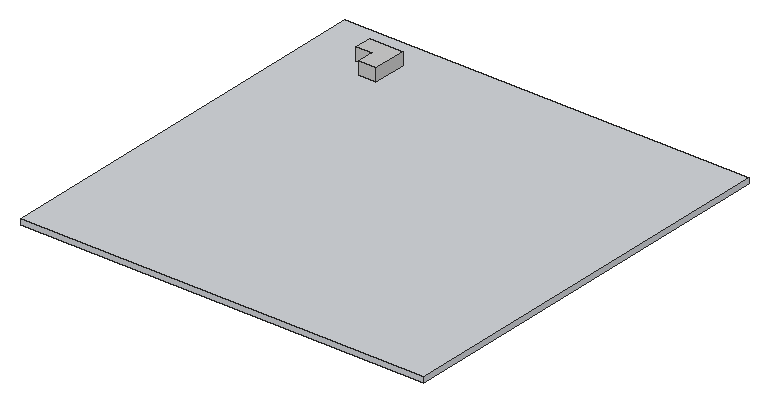
Revit family
Parameters (values of type "L Joiner/Feeder")
  URL = "www.lightingservicesinc.com/product.asp?productID=140"
  Type Comments = ""
  Suspension Length Note = "Distance from mounting surface to bottom of track"
  Suspension Length [instance] = 1' - 6"
  Surface Track Suspension Length Note = "for Surface Track, Suspension Length = 1 7/16\""
  Model Date = "26 March 2010"
  Model = "31X05"
  Mfr. Catalog # = ""
  Manufacturer = "Lighting Services Inc. "
  LSI Track Finish [instance] = LSI Track Finish
  Keynote = "26 55 59"
  Description = "120/250V 1 Ckt L Joiner/Feeder"
  Default Elevation = 4' - 0"
  Assembly Code = "D5020200"
Reference planes (in)
  plane 1 "Center (Front/Back)": y = 0
  plane 2: z = 0
  plane 3 "Center (Left/Right)": x = 0
  plane 4: x = -2.59375
  plane 5: y = 2.5863
  plane 6: y = -2.5863
  plane 7: y = 0.90625
  plane 8: y = -0.90625
  plane 9: x = -0.90625
  plane 10: x = 0.90625
  plane 11: z = 16.6875
  plane 12: z = 18
Forms (in)
  Extrusion 1, solid
    sketch origin (0, 0, 0) x (1, 0, 0) y (0, 1, 0)
      loop
        line (-26.09375, 27.09375) -> (-26.09375, -15.91751) -> (16.59127, -15.91751) -> (16.59127, 27.09375) -> (-26.09375, 27.09375)
    from 0 to -0.5
  Extrusion 2, solid, material "LSI Track Finish" <- "LSI Track Finish", detail levels medium+fine
    sketch origin (0, 0, 0) x (1, 0, 0) y (0, 1, 0)
      loop
        line (-2.59375, 0.90625) -> (-2.59375, -0.90625) -> (-0.90625, -0.90625) -> (-0.90625, -2.5863) -> (0.90625, -2.5863) -> (0.90625, 0.90625) -> (-2.59375, 0.90625)
    from 16.6875 to 18
Dimensions and locks (in)
  locked: plane 12 to plane 11 at 1.3125
  "Suspension Length": plane 12 to plane 2
  equal spacing: plane 7, plane 1 "Center (Front/Back)", plane 8, locked at 0.90625 each
  locked: plane 7 to plane 8 at 1.8125
  equal spacing: plane 9, plane 3 "Center (Left/Right)", plane 10, locked at 0.90625 each
  locked: plane 9 to plane 10 at 1.8125
  equal spacing: plane 5, plane 1 "Center (Front/Back)", plane 6, locked at 2.5863 each
  locked: plane 5 to plane 6 at 5.1726
  aligned and locked: plane 2 to Extrusion 1
  aligned and locked: level to Extrusion 1
  aligned and locked: plane 12 to Extrusion 2
  aligned and locked: Extrusion 2 to plane 11
  aligned and locked: plane 3 "Center (Left/Right)" to nested 1
  aligned and locked: plane 1 "Center (Front/Back)" to nested 1
Automatic sketch dimensions
  Extrusion 1 sketch curve to Extrusion 1 sketch curve = 3' - 6.68502"
  Extrusion 1 sketch curve to Extrusion 1 sketch curve = 3' - 7.01126"
  Extrusion 2 sketch curve to plane 4 = 0' - 0"
  Extrusion 2 sketch curve to plane 6 = 0' - 0"
  Extrusion 2 sketch curve to plane 9 = 0' - 0"
  Extrusion 2 sketch curve to plane 8 = 0' - 0"
  Extrusion 2 sketch curve to plane 7 = 0' - 0"
  Extrusion 2 sketch curve to plane 10 = 0' - 0"
Nested families (in)
  nested 1: "LSI L Joiner Plan View Symbol" at (63.06131, -9.84847, 0), type "L"
Connectors (in)
  electrical at (-1.75, -0.90625, 17.34375)
    settings: on Extrusion 2, index 2
Definition of nested family "LSI L Joiner Plan View Symbol"
  Parameters (values of type "L")
    Assembly Code = ""
  Reference planes (in)
    plane 1 "Center (Front/Back)": y = 9.84847
    plane 2: z = 0
    plane 3 "Center (Left/Right)": x = -63.06131
    plane 4: y = 10.75472
    plane 5: y = 8.94222
    plane 6: x = -63.96756
    plane 7: x = -62.15506
    plane 8: x = -65.65506
    plane 9: y = 7.25472
  Lines and regions (in)
    detail lines, in view "Ref. Level"
      curve 1: line (-65.65506, 10.75472, 0) -> (-62.15506, 10.75472, 0)
      curve 2: line (-62.15506, 10.75472, 0) -> (-62.15506, 7.25472, 0)
      curve 3: line (-62.15506, 7.25472, 0) -> (-63.96756, 7.25472, 0)
      curve 4: line (-63.96756, 7.25472, 0) -> (-63.96756, 8.94222, 0)
      curve 5: line (-63.96756, 8.94222, 0) -> (-65.65506, 8.94222, 0)
      curve 6: line (-65.65506, 8.94222, 0) -> (-65.65506, 10.75472, 0)
  Dimensions and locks (in)
    locked: plane 4 to plane 5 at 1.8125
    equal spacing: plane 4, plane 1 "Center (Front/Back)", plane 5
    equal spacing: plane 6, plane 3 "Center (Left/Right)", plane 7
    locked: plane 6 to plane 7 at 1.8125
    locked: plane 8 to plane 3 "Center (Left/Right)" at 2.59375
    aligned and locked: plane 6 to curve 4
    aligned and locked: curve 1 to plane 4
    aligned and locked: plane 8 to curve 6
    aligned and locked: curve 2 to plane 7
  Automatic sketch dimensions
    curve 3 to plane 9 = 0' - 0"
    curve 6 to plane 5 = 0' - 0"
